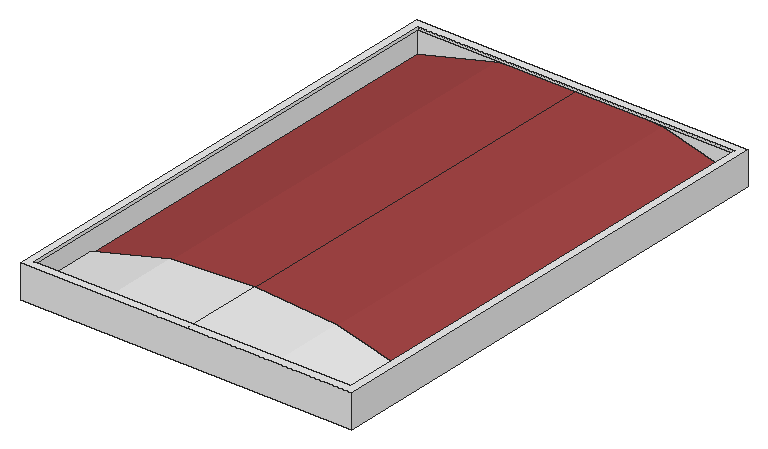
Revit family "Signage-NovaPolymers_Curved-Frame", category Specialty Equipment, host Face, Revit 2026
Family settings
  Host = Face
  Round Connector Dimension = Use Diameter
  Part Type = Normal
  Classification Number = 23.40.90.11.11
  Enable Cutting in Views = No
  Cut with Voids When Loaded = No
  Maintain Annotation Orientation = No
  Shared = No
  Room Calculation Point = No
Parameters
  f2 = Panel Thickness * 2  # 0' - 0 1/4"
  Warranty Duration (Years) = 0
  Vertical Burning = "94V-2 in thickness of 0.118 inch (3.0 mm) or greater and 94HB in thicknesses less than 0.118 inch (3.0 mm)"
  Unit Width [instance] = 0' - 8"
  Unit Height [instance] = 1' - 0"
  URL = "http://www.novapolymers.com"
  Specification = "http://www.arcat.com/sd/clients/novapoly.html?coid=43994"
  SpecWizard = "http://www.arcat.com/specwizard/10440npi/index.htm?mf=&coid=43994"
  Send Message = "http://admin.arcat.com/users.pl?action=UserEmail&company=Nova%20Polymers,%20Inc.&coid=43994&rep=121&fax=&mf="
  Sales Information = "http://www.novapolymers.com/contact-us"
  Product Properties = "http://www.arcat.com/bim/bim_info.pl?fn=Signage_NovaPolymers"
  Product Data = "http://www.arcat.com/arcatcos/cos43/arc43994.html"
  Panel Thickness = 0' - 0 1/8"
  Panel Material [instance] = Nova Polymers NovaCryl ECR - Finish as Specified
  Panel Attachment = Attachment : As Specified in Section 10 14 36
  Overall Depth = 0' - 0 3/4"
  Offset from Face [instance] = 0' - 1"
  Model = "As Specified in 10 14 36"
  Material - Frame Components [instance] = Aluminum - Clear Anodized Finish
  Manufacturer Website = "http://www.novapolymers.com"
  Manufacturer Phone - Toll Free = "888-484-NOVA (6682)"
  Manufacturer Phone = "973-227-6695"
  Manufacturer Fax = "973-882-0237"
  Manufacturer Address = "8 Evans St.; Suite 201; Fairfield; NJ 07004 \r\n"
  Manufacturer = "Nova Polymers, Inc."
  Maintenance Schedule (Months) = 0
  Label Height [instance] = 0' - 2"
  Label [instance] = yes
  Keynote = "10 14 36"
  Installation-Fabrication = "http://www.novapolymers.com/technical-support/how-to-manual"
  Installation Phase = ""
  Green Building-LEED = "http://www.arcat.com/green/clients/leed_data_43994.html"
  Frame Thickness = 0' - 0 1/16"
  Frame [instance] = yes
  Finish - Hardware [instance] = Aluminum - Clear Anodized Finish
  Expected Lifespan (Years) = 0
  E84_Surface Burning Characteristics = "Flame spread/smoke developed rating less than 75/120"
  Drawn By = "Robert S. Weygant. CSI, CDT, SCIP"  # constant formula
  Description = "Nova Polymers Signage as Specified in 10 14 36"
  Default Elevation = 3' - 0"
  D635_Rate of Burning = "Classification CC1 at nominal 0.060 inch (1.5 mm) thickness "
  Copyright = "2009, ARCAT, Inc"
  Building Codes = "http://www.novapolymers.com/technical-support/ada"
  Assembly Code = "C1030510"
Reference planes (in)
  plane 1 "Substrate Face": y = -0.29112
  plane 2 "Floor Line": z = 0
  plane 3 "Center (Left/Right)": x = -0.65843
  plane 4: z = 48
  plane 5: x = -4.65843
  plane 6: x = 3.34157
  plane 7: y = 33.70888
  plane 8: y = 21.70888
  plane 9: z = 1
  plane 10: z = 1.125
  plane 11: z = 1.75
  plane 12: y = 23.70888
Forms (in)
  Extrusion 1, solid, material "Nova Polymers NovaCryl ECR - Finish as Specified" <- "Panel Material"
    sketch origin (0, -0.79112, 0) x (-1, 0, 0) y (0, 0, 1)
      loop
        line (0.65843, 1) -> (4.65843, 1) -> (4.65843, 1.125)
        arc (4.65843, 1.125) -> (2.68977, 1.63806) -> (0.65843, 1.75) r 10.19447
        arc (0.65843, 1.75) -> (-1.3729, 1.63806) -> (-3.34157, 1.125) r 10.19447
        line (-3.34157, 1.125) -> (-3.34157, 1) -> (0.65843, 1)
    from 22.5 to 34.5
  Extrusion 2, solid, material "Aluminum - Clear Anodized Finish" <- "Material - Frame Components", visible <- "Label"
    sketch origin (0, -0.79112, 0) x (-1, 0, 0) y (0, 0, 1)
      loop
        line (4.65843, 1.125) -> (4.65843, 1.18931)
        arc (4.65843, 1.18931) -> (2.67995, 1.70064) -> (0.63937, 1.80952) r 10.2548
        arc (0.63937, 1.80952) -> (-1.38196, 1.69599) -> (-3.34157, 1.1875) r 10.25309
        line (-3.34157, 1.1875) -> (-3.34157, 1.125)
        arc (-3.34157, 1.125) -> (-1.3729, 1.63806) -> (0.65843, 1.75) r 10.19447
        arc (0.65843, 1.75) -> (2.68977, 1.63806) -> (4.65843, 1.125) r 10.19447
    from 22.5 to 24.5
  Sweep 3, solid, material "Aluminum - Clear Anodized Finish" <- "Material - Frame Components"
    path in 3D
      loop
        line (-4.65843, 33.70888, 1) -> (-4.65843, 21.70888, 1) -> (-0.65843, 21.70888, 1) -> (3.34157, 21.70888, 1) -> (3.34157, 33.70888, 1) -> (-0.65843, 33.70888, 1) -> (-4.65843, 33.70888, 1)
    profile origin (-2.65843, 33.70888, 1) x (0, 1, 0) y (0, 0, -1)
      loop
        line (0, 0) -> (0, -0.75) -> (-0.125, -0.75) -> (-0.125, -0.8125) -> (0.0625, -0.8125) -> (0.0625, 0) -> (0, 0)
Lines and regions (in)
  sketch lines
    curve 1: line (-0.65843, 33.70888, 1) -> (-4.65843, 33.70888, 1)
    curve 2: line (3.34157, 33.70888, 1) -> (-0.65843, 33.70888, 1)
    curve 3: line (3.34157, 33.70888, 1) -> (3.34157, 21.70888, 1)
    curve 4: line (-0.65843, 21.70888, 1) -> (3.34157, 21.70888, 1)
    curve 5: line (-4.65843, 21.70888, 1) -> (-0.65843, 21.70888, 1)
    curve 6: line (-4.65843, 33.70888, 1) -> (-4.65843, 21.70888, 1)
Dimensions and locks (in)
  equal spacing: plane 6, plane 3 "Center (Left/Right)", plane 5
  "Unit Width": plane 6 to plane 5
  "Panel Thickness": plane 10 to plane 9
  "Offset from Face": plane 9 to plane 2 "Floor Line"
  "Unit Height": plane 7 to plane 8
  "Overall Depth": plane 11 to plane 9
  "Frame Thickness": Extrusion 2 sketch curve to Extrusion 2 sketch curve  (x2)
  "Label Height": plane 12 to plane 8
  "Overall Depth": Sweep 3 sketch curve to plane 9
  "Frame Thickness": Sweep 3 sketch curve to Sweep 3 sketch curve  (x2)
  aligned and locked: host face to level
  aligned and locked: plane 1 "Substrate Face" to host face
  aligned and locked: plane 11 to Extrusion 1 sketch curve
  aligned and locked: plane 10 to Extrusion 1 sketch curve  (x2)
  aligned and locked: Extrusion 1 sketch curve to plane 9
  aligned and locked: plane 7 to Extrusion 1
  aligned and locked: Extrusion 1 to plane 8
  aligned and locked: Extrusion 2 sketch curve to Extrusion 1  (x2)
  aligned and locked: plane 5 to Extrusion 2 sketch curve
  aligned and locked: plane 6 to Extrusion 2 sketch curve
  aligned and locked: Extrusion 2 to plane 8
  aligned and locked: plane 12 to Extrusion 2
  aligned and locked: Sweep 3 sketch curve to plane 9
  aligned and locked: Sweep 3 sketch curve to plane 7
Automatic sketch dimensions
  Extrusion 1 sketch curve to plane 6 = 0' - 0"
  Extrusion 1 sketch curve to plane 3 "Center (Left/Right)" = 0' - 0"  (x2)
  Extrusion 1 sketch curve to plane 5 = 0' - 0"
  plane 3 "Center (Left/Right)" to Extrusion 1 sketch curve = 0' - 0.45755"
  Extrusion 1 sketch curve to plane 3 "Center (Left/Right)" = 0' - 0.45755"
  host sketch curve to host sketch curve = 1' - 0"
  host sketch curve to host sketch curve = 3' - 9.34712"
  Extrusion 2 sketch curve to Extrusion 2 sketch curve = 0' - 0"  (x4)
  profile plane to Sweep 3 sketch curve = 0' - 0 1/8"
